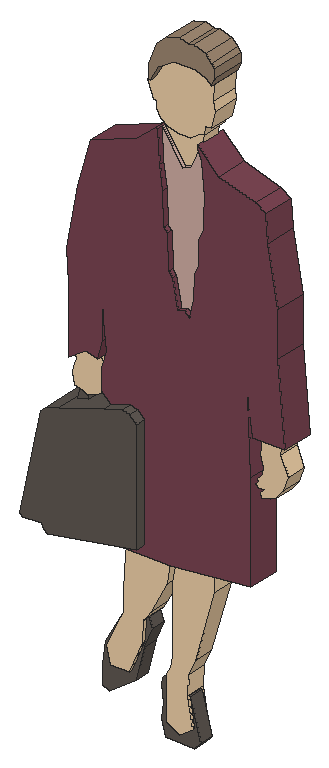
Revit family
Parameters (values of type "Lady")
  Height = 0 mm
  Assembly Code = ""
Types (2): name
  Man
  Lady
Reference planes
  plane 1 "Center (Front/Back)": y = 0
  plane 2: z = 0
  plane 3 "Center (Left/Right)": x = -11.745
Forms (mm)
  Extrusion 1, solid, material "Fabric - Sandy Brown"
    sketch origin (0, 0, 0) x (1, 0, 0) y (0, 0, 1)
      loop
        line (-80.328, 1607.621) -> (-74.893, 1607.621) -> (-53.037, 1645.478) -> (-14.271, 1672.621) -> (45.795, 1672.621) -> (76.368, 1661.494) -> (89.35, 1648.512) -> (97.186, 1670.039) -> (97.186, 1694.175) -> (90.016, 1704.414) -> (73.588, 1720.843) -> (40.698, 1732.813) -> (24.163, 1728.383) -> (2.285, 1736.346) -> (-31.523, 1727.287) -> (-59.807, 1699.003) -> (-80.328, 1642.621) -> (-80.328, 1607.621)
    from -40 to 50
  Extrusion 2, solid, material "Fabric - Pale Skin"
    sketch origin (0, 0, 0) x (1, 0, 0) y (0, 0, 1)
      loop
        line (-75.052, 1607.346) -> (-82.452, 1607.346) -> (-93.71, 1596.087) -> (-77.584, 1554.076) -> (-69.159, 1551.01) -> (-69.159, 1536.01) -> (-58.594, 1513.352) -> (-36.936, 1500.848) -> (-7.742, 1493.939) -> (22.258, 1493.939) -> (50.928, 1514.014) -> (60.247, 1515.657) -> (64.853, 1535.119) -> (80.497, 1537.878) -> (91.043, 1582.436) -> (86.6, 1607.634) -> (90.086, 1647.482) -> (75.944, 1661.624) -> (45.729, 1672.621) -> (-14.271, 1672.621) -> (-53.037, 1645.478) -> (-75.052, 1607.346)
    from -31.603 to 38.18
  Extrusion 3, solid, material "Fabric - Pale Skin"
    sketch origin (0, 0, 0) x (1, 0, 0) y (0, 0, 1)
      loop
        line (-52.056, 1509.578) -> (-54.479, 1495.832) -> (-58.701, 1491.61) -> (-44.567, 1471.424) -> (-19.12, 1435.083) -> (-1.913, 1410.508) -> (20.745, 1421.073) -> (46.102, 1475.452) -> (47.954, 1483.275) -> (50.928, 1514.014) -> (22.258, 1493.939) -> (-7.742, 1493.939) -> (-36.936, 1500.848) -> (-52.056, 1509.578)
    from -22.575 to 24.449
  Extrusion 4, solid, material "Fabric - Shirt Pink"
    sketch origin (0, 0, 0) x (1, 0, 0) y (0, 0, 1)
      loop
        line (-58.777, 1491.718) -> (-61.81, 1488.685) -> (-61.81, 1484.559) -> (-59.197, 1459.696) -> (-56.057, 1399.778) -> (-46.671, 1340.517) -> (-43.704, 1255.569) -> (-33.24, 1245.105) -> (-30.033, 1153.26) -> (-21.429, 1140.973) -> (-7.119, 1067.351) -> (12.514, 1071.167) -> (27.478, 1060.69) -> (38.01, 1106.31) -> (40.193, 1168.829) -> (49.83, 1193.935) -> (49.83, 1258.935) -> (63.401, 1288.037) -> (63.401, 1321.83) -> (67.323, 1366.659) -> (63.141, 1406.44) -> (58.208, 1453.38) -> (46.713, 1478.031) -> (20.745, 1421.073) -> (-1.913, 1410.508) -> (-58.777, 1491.718)
    from -33.291 to 32.289
  Extrusion 5, solid, material "Fabric - Dark Brown"
    sketch origin (0, 0, 0) x (1, 0, 0) y (0, 0, 1)
      loop
        line (-345.04, 722.185) -> (-357.078, 710.147) -> (-414.254, 441.157) -> (-406.61, 433.513) -> (-354.225, 438.096) -> (-351.363, 423.371) -> (-338.373, 415.871) -> (-97.874, 462.62) -> (-97.874, 767.62) -> (-115.552, 785.297) -> (-134.87, 790.474) -> (-187.898, 773.244) -> (-308.466, 734.069) -> (-345.04, 722.185)
    from -62.508 to 71.609
  Extrusion 6, solid, material "Fabric - cardinal Red"
    sketch origin (0, 0, 0) x (1, 0, 0) y (0, 0, 1)
      loop
        line (46.713, 1478.031) -> (58.208, 1453.38) -> (67.323, 1366.659) -> (63.401, 1321.83) -> (63.401, 1288.037) -> (49.83, 1258.935) -> (49.83, 1257.975) -> (49.83, 1193.935) -> (40.193, 1168.829) -> (38.01, 1106.31) -> (27.478, 1060.69) -> (12.514, 1071.167) -> (-7.119, 1067.351) -> (-21.429, 1140.973) -> (-30.033, 1153.26) -> (-33.24, 1245.105) -> (-43.704, 1255.569) -> (-46.796, 1344.094) -> (-56.404, 1404.759) -> (-60.853, 1489.643) -> (-66.588, 1489.643) -> (-116.381, 1447.861) -> (-242.414, 1399.482) -> (-278.247, 1274.518) -> (-309.731, 1112.549) -> (-302.364, 1028.346) -> (-302.364, 848.346) -> (-256.81, 880.243) -> (-223.003, 871.185) -> (-209.716, 920.774) -> (-209.716, 995.774) -> (-201, 896.154) -> (-212.647, 852.688) -> (-212.647, 797.993) -> (-187.898, 773.244) -> (-134.87, 790.474) -> (-115.552, 785.297) -> (-97.874, 767.62) -> (-97.874, 462.62) -> (-193.765, 443.98) -> (-188.789, 435.362) -> (-25.922, 435.362) -> (193.109, 462.255) -> (193.109, 727.255) -> (182.904, 921.988) -> (197.765, 828.158) -> (283.756, 828.158) -> (265.018, 1042.34) -> (265.018, 1162.34) -> (238.102, 1314.985) -> (232.001, 1384.718) -> (206.586, 1402.515) -> (105, 1431.644) -> (48.431, 1488.212) -> (46.713, 1478.031)
    from -40 to 45
  Extrusion 7, solid, material "Fabric - Pale Skin"
    sketch origin (0, 0, 0) x (1, 0, 0) y (0, 0, 1)
      loop
        line (207.708, 828.158) -> (211.819, 804.843) -> (208.109, 783.804) -> (212.249, 774.053) -> (217.296, 755.213) -> (213.823, 735.517) -> (199.681, 721.375) -> (204.424, 716.633) -> (196.141, 708.35) -> (203.362, 701.129) -> (219.293, 701.129) -> (208.109, 689.945) -> (212.369, 679.908) -> (236.518, 686.379) -> (250.912, 692.489) -> (270.901, 716.311) -> (284.581, 753.898) -> (263.692, 803.11) -> (268.109, 828.158) -> (207.708, 828.158)
    from -21.439 to 31.478
  Extrusion 8, solid, material "Fabric - Pale Skin"
    sketch origin (0, 0, 0) x (1, 0, 0) y (0, 0, 1)
      loop
        line (-294.544, 853.822) -> (-291.215, 839.399) -> (-297.098, 830.915) -> (-303.568, 806.767) -> (-296.82, 777.535) -> (-275.888, 771.927) -> (-264.232, 766.61) -> (-240.707, 772.041) -> (-224.075, 783.686) -> (-212.647, 800.167) -> (-212.647, 842.732) -> (-216.616, 853.638) -> (-223.003, 871.185) -> (-256.81, 880.243) -> (-294.544, 853.822)
    from -25 to 32.289
  Extrusion 9, solid, material "Fabric - Dark Brown"
    sketch origin (0, 0, 0) x (1, 0, 0) y (0, 0, 1)
      loop
        line (-290.199, 775.762) -> (-300.694, 736.594) -> (-269.598, 746.698) -> (-275.888, 771.927) -> (-290.199, 775.762)
    from -13.968 to 17.821
  Extrusion 10, solid, material "Fabric - Dark Brown"
    sketch origin (0, 0, 0) x (1, 0, 0) y (0, 0, 1)
      loop
        line (-224.294, 784.157) -> (-215.086, 764.41) -> (-187.898, 773.244) -> (-213.86, 799.205) -> (-224.294, 784.157)
    from -13.968 to 9.429
  Extrusion 11, solid, material "Fabric - Dark Brown"
    sketch origin (0, 0, 0) x (1, 0, 0) y (0, 0, 1)
      loop
        line (-46.655, 158.912) -> (-64.165, 141.402) -> (-66.77, 126.63) -> (-59.73, 82.184) -> (-66.522, 43.663) -> (-55.636, 0) -> (24.01, 0) -> (39.796, 15.785) -> (13.184, 122.518) -> (1.748, 133.954) -> (16.214, 42.619) -> (-11.745, 23.042) -> (-46.655, 43.197) -> (-46.655, 158.912)
    from -12.937 to 25.258
  Extrusion 12, solid, material "Fabric - Dark Brown"
    sketch origin (0, 0, 0) x (1, 0, 0) y (0, 0, 1)
      loop
        line (-101.628, 278.731) -> (-108.584, 271.776) -> (-113.857, 211.502) -> (-149.023, 128.657) -> (-199.023, 128.657) -> (-210.67, 172.124) -> (-171.217, 253.015) -> (-171.217, 259.414) -> (-218.717, 177.142) -> (-227.067, 117.726) -> (-227.067, 67.726) -> (-207.318, 59.343) -> (-134.506, 112.243) -> (-112.733, 199.57) -> (-91.243, 250.198) -> (-101.628, 278.731)
    from -12.844 to 25.258
  Extrusion 13, solid, material "Fabric - Pale Skin"
    sketch origin (0, 0, 0) x (1, 0, 0) y (0, 0, 1)
      loop
        line (-155.58, 435.362) -> (-158.755, 410.029) -> (-164.838, 323.042) -> (-164.838, 268.042) -> (-171.217, 253.015) -> (-210.67, 172.124) -> (-199.023, 128.657) -> (-149.023, 128.657) -> (-113.857, 211.502) -> (-108.694, 270.523) -> (-101.323, 277.893) -> (-88.703, 296.603) -> (-45.051, 378.701) -> (-35.58, 435.362) -> (-155.58, 435.362)
    from -21.439 to 31.478
  Extrusion 14, solid, material "Fabric - Pale Skin"
    sketch origin (0, 0, 0) x (1, 0, 0) y (0, 0, 1)
      loop
        line (-20.787, 435.992) -> (-25.17, 418.608) -> (-32.056, 383.181) -> (-32.056, 306.487) -> (-32.056, 209.102) -> (-35.94, 177.47) -> (-46.655, 158.912) -> (-46.655, 43.197) -> (-11.745, 23.042) -> (22.2, 46.81) -> (9.649, 126.053) -> (11.698, 178.617) -> (30.716, 219.401) -> (83.594, 403.809) -> (83.594, 448.809) -> (-20.787, 435.992)
    from -21.439 to 31.478
Lines and regions (mm)
  sketch lines
    curve 1: line (-2000, 2000, 0) -> (2000, 2000, 0)
    curve 2: line (-2000, 2000, 0) -> (-2000, -2000, 0)
    curve 3: line (-2000, -2000, 0) -> (2000, -2000, 0)
    curve 4: line (2000, 2000, 0) -> (2000, -2000, 0)
Dimensions and locks
  aligned: Extrusion 11 to Extrusion 12
